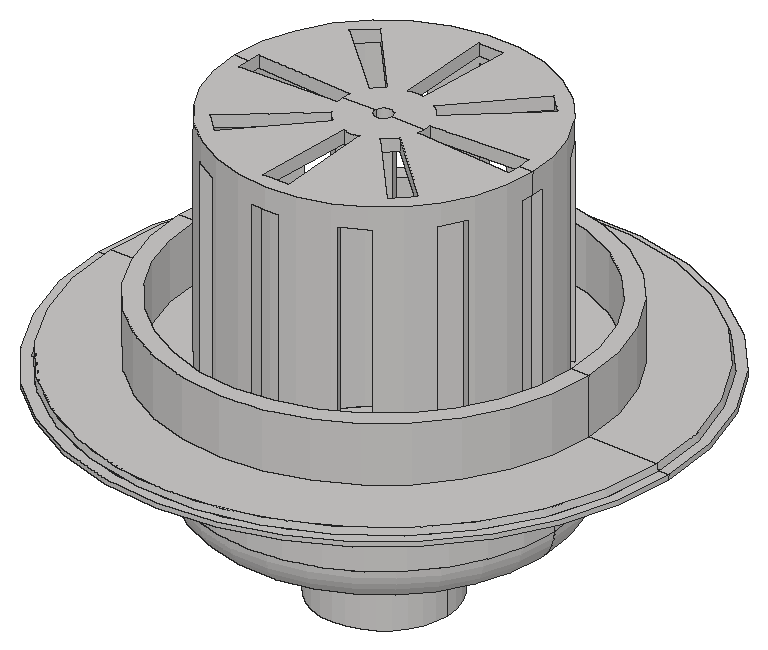
Revit family
Parameters (values of type "9682-2"")
  Width = 10 1/2"
  Waste Connection Radius = 1"
  Waste Connection Diameter = Waste Connection Radius * 2  # 2"
  Waste Connection = yes
  Vent Connection = no
  URL = "www.jrsmith.com"
  Price = "Prices may vary. Please consult Manufacturer Representative for most up-to-date price list."  # constant formula
  Phone Number = "416-250-5656"  # constant formula
  Omniclass Table 23 Title = "Waste Water Drains"  # constant formula
  Omniclass Table 23 Code = "23.70.50.21.24"  # constant formula
  Model = "9682-2\""
  Material = Metal-Jay R Smith-Stainless Steel
  Masterformat Title = "Sanitary Drains"  # constant formula
  Masterformat Number = "22 13 19.13"  # constant formula
  Manufacturer = "Jay R. Smith"
  Length = Width  # 10 1/2"
  Height = 7 7/8"
  HW Connection = no
  Description = "General purpose roof drain."
  Default Elevation = 0"
  Creation Date = "31/10/2014"  # constant formula
  Created By = "Allied Technical Services"  # constant formula
  CW Connection = no
  Assembly Code = "D2030300"
  ATS URL = "http://www.atsspec.net"
Types (4): name | Waste Connection Radius | Waste Connection Diameter | Model
  (no name) | 1" | 2" | "9682-2\""
  9682-2" | 1" | 2" | "9682-2\""
  9682-3" | 1 1/2" | 3" | "9682-3\""
  9682-4" | 2" | 4" | "9682-4\""
Reference planes (in)
  plane 1 "Center (Front/Back)": y = 0
  plane 2: z = 0
  plane 3 "Center (Left/Right)": x = 0
  plane 4: x = -5.25
  plane 5: x = 5.25
  plane 6: z = 7.875
  plane 7: z = 3.75
  plane 8: x = -1
  plane 9: x = 1
  plane 10: y = 0
  plane 11: x = 0
Forms (in)
  Revolve 1, solid, material "Metal-Jay R Smith-Stainless Steel" <- "Material"
    sketch origin (0, 0, 0) x (1, 0, 0) y (0, 0, 1)
      loop
        line (-1, 0) -> (-1, 1.625) -> (-2.537, 1.625) -> (-2.537, 7.65625) -> (0, 7.65625) -> (0, 7.875) -> (-2.74942, 7.875) -> (-2.74942, 3.8657) -> (-3.47276, 3.8657) -> (-3.47276, 4.8768) -> (-3.77834, 4.8768) -> (-3.77834, 3.8657) -> (-5.03343, 3.8657) -> (-5.06382, 3.75) -> (-5.25, 3.75) -> (-5.25, 3.67147) -> (-5.11213, 3.67147) -> (-4.63544, 3.54624) -> (-3.55483, 3.54624)
        arc (-3.55483, 3.54624) -> (-3.26478, 3.4261) -> (-3.14464, 3.13604) r 0.4102
        line (-3.14464, 3.13604) -> (-3.14464, 2.07812)
        arc (-3.14464, 2.07812) -> (-2.95242, 1.61409) -> (-2.48839, 1.42187) r 0.65625
        line (-2.48839, 1.42187) -> (-1.17793, 1.42187) -> (-1.17793, 0) -> (-1, 0)
      axis (0, 7.875) -> (0, 0)
    angle from 0 to 360
  Extrusion 2, void
    sketch origin (91.21677, 91.21677, 0) x (1, 0, 0) y (0, 1, 0)
      loop
        line (-91.46677, -88.08001) -> (-91.46677, -89.08001) -> (-90.96677, -89.08001) -> (-90.96677, -88.08001) -> (-91.46677, -88.08001)
      loop
        line (-91.46677, -94.35353) -> (-90.96677, -94.35353) -> (-90.96677, -93.35353) -> (-91.46677, -93.35353) -> (-91.46677, -94.35353)
      loop
        line (-88.08001, -90.96677) -> (-89.08001, -90.96677) -> (-89.08001, -91.46677) -> (-88.08001, -91.46677) -> (-88.08001, -90.96677)
      loop
        line (-94.35353, -90.96677) -> (-94.35353, -91.46677) -> (-93.35353, -91.46677) -> (-93.35353, -90.96677) -> (-94.35353, -90.96677)
      loop
        line (-89.8649, -88.37526) -> (-90.3649, -89.24129) -> (-89.93189, -89.49129) -> (-89.43189, -88.62526) -> (-89.8649, -88.37526)
      loop
        line (-93.00166, -93.80829) -> (-92.56865, -94.05829) -> (-92.06865, -93.19226) -> (-92.50166, -92.94226) -> (-93.00166, -93.80829)
      loop
        line (-88.37526, -92.56865) -> (-89.24129, -92.06865) -> (-89.49129, -92.50166) -> (-88.62526, -93.00166) -> (-88.37526, -92.56865)
      loop
        line (-93.80829, -89.43189) -> (-94.05829, -89.8649) -> (-93.19226, -90.3649) -> (-92.94226, -89.93189) -> (-93.80829, -89.43189)
      loop
        line (-88.62526, -89.43189) -> (-89.49129, -89.93189) -> (-89.24129, -90.3649) -> (-88.37526, -89.8649) -> (-88.62526, -89.43189)
      loop
        line (-94.05829, -92.56865) -> (-93.80829, -93.00166) -> (-92.94226, -92.50166) -> (-93.19226, -92.06865) -> (-94.05829, -92.56865)
      loop
        line (-89.43189, -93.80829) -> (-89.93189, -92.94226) -> (-90.3649, -93.19226) -> (-89.8649, -94.05829) -> (-89.43189, -93.80829)
      loop
        line (-92.56865, -88.37526) -> (-93.00166, -88.62526) -> (-92.50166, -89.49129) -> (-92.06865, -89.24129) -> (-92.56865, -88.37526)
    from 3.8657 to 7.5
  Extrusion 3, void
    sketch origin (2.75, 0, 0) x (1, 0, 0) y (0, 1, 0)
      loop
        arc (-2.89249, 0.73634) -> (-2.75, 0.75) -> (-2.60751, 0.73634) r 0.75
        line (-2.60751, 0.73634) -> (-2.51566, 2.48899)
        arc (-2.51566, 2.48899) -> (-2.75, 2.5) -> (-2.98434, 2.48899) r 2.5
        line (-2.98434, 2.48899) -> (-2.89249, 0.73634)
      loop
        line (-2.89249, -0.73634) -> (-2.98434, -2.48899)
        arc (-2.98434, -2.48899) -> (-2.75, -2.5) -> (-2.51566, -2.48899) r 2.5
        line (-2.51566, -2.48899) -> (-2.60751, -0.73634)
        arc (-2.60751, -0.73634) -> (-2.75, -0.75) -> (-2.89249, -0.73634) r 0.75
      loop
        arc (-2.01366, 0.14249) -> (-2, 0) -> (-2.01366, -0.14249) r 0.75
        line (-2.01366, -0.14249) -> (-0.26101, -0.23434)
        arc (-0.26101, -0.23434) -> (-0.25, 0) -> (-0.26101, 0.23434) r 2.5
        line (-0.26101, 0.23434) -> (-2.01366, 0.14249)
      loop
        line (-3.48634, 0.14249) -> (-5.23899, 0.23434)
        arc (-5.23899, 0.23434) -> (-5.25, 0) -> (-5.23899, -0.23434) r 2.5
        line (-5.23899, -0.23434) -> (-3.48634, -0.14249)
        arc (-3.48634, -0.14249) -> (-3.5, 0) -> (-3.48634, 0.14249) r 0.75
      loop
        arc (-2.33008, 0.62143) -> (-2.21967, 0.53033) -> (-2.12857, 0.41992) r 0.75
        line (-2.12857, 0.41992) -> (-0.82431, 1.59428)
        arc (-0.82431, 1.59428) -> (-0.98223, 1.76777) -> (-1.15572, 1.92569) r 2.5
        line (-1.15572, 1.92569) -> (-2.33008, 0.62143)
      loop
        line (-3.37143, -0.41992) -> (-4.67569, -1.59428)
        arc (-4.67569, -1.59428) -> (-4.51777, -1.76777) -> (-4.34428, -1.92569) r 2.5
        line (-4.34428, -1.92569) -> (-3.16992, -0.62143)
        arc (-3.16992, -0.62143) -> (-3.28033, -0.53033) -> (-3.37143, -0.41992) r 0.75
      loop
        arc (-2.12857, -0.41992) -> (-2.21967, -0.53033) -> (-2.33008, -0.62143) r 0.75
        line (-2.33008, -0.62143) -> (-1.15572, -1.92569)
        arc (-1.15572, -1.92569) -> (-0.98223, -1.76777) -> (-0.82431, -1.59428) r 2.5
        line (-0.82431, -1.59428) -> (-2.12857, -0.41992)
      loop
        line (-3.16992, 0.62143) -> (-4.34428, 1.92569)
        arc (-4.34428, 1.92569) -> (-4.51777, 1.76777) -> (-4.67569, 1.59428) r 2.5
        line (-4.67569, 1.59428) -> (-3.37143, 0.41992)
        arc (-3.37143, 0.41992) -> (-3.28033, 0.53033) -> (-3.16992, 0.62143) r 0.75
      loop
        circle (-2.75, 0) r 0.15506
    from 7.32755 to 8.8319
Cuts and joins
  Extrusion 2, Extrusion 3 cuts Revolve 1
Dimensions and locks (in)
  "Height": plane 6 to plane 2
  "Waste Connection Diameter": plane 9 to plane 8
  "Width": plane 5 to plane 4
  plane 7 to level = 3 3/4"
  equal spacing: plane 9, plane 3 "Center (Left/Right)", plane 8
  equal spacing: plane 5, plane 3 "Center (Left/Right)", plane 4
  plane 6 to plane 7 = 4 1/8"
  locked: plane 8 to Revolve 1 sketch curve at 0.17793
  locked: Revolve 1 sketch curve to plane 4 at 2.713
  locked: Revolve 1 sketch curve to plane 4 at 2.50058
  aligned and locked: Revolve 1 sketch curve to plane 8
Automatic sketch dimensions
  Revolve 1 sketch curve to plane 4 = 0"
  Revolve 1 sketch curve to plane 7 = 0"
  Revolve 1 sketch curve to plane 6 = 0"
  Revolve 1 sketch curve to plane 3 "Center (Left/Right)" = 0"  (x2)
  Revolve 1 sketch curve to level = 0"
  plane 4 to Revolve 1 sketch curve = 0.13787"
  Revolve 1 sketch curve to Revolve 1 sketch curve = 0.04831"
  Revolve 1 sketch curve to Revolve 1 sketch curve = 0.03039"
  Revolve 1 sketch curve to plane 7 = 0.20376"
  Revolve 1 sketch curve to Revolve 1 sketch curve = 0.42839"
  plane 7 to Revolve 1 sketch curve = 0.1157"  (x2)
  Revolve 1 sketch curve to Revolve 1 sketch curve = 0.8571"
  Revolve 1 sketch curve to Revolve 1 sketch curve = 0.2235"
  Revolve 1 sketch curve to Revolve 1 sketch curve = 0.30558"
  Revolve 1 sketch curve to Revolve 1 sketch curve = 0.4102"
  Revolve 1 sketch curve to Revolve 1 sketch curve = 0.04861"
  Revolve 1 sketch curve to level = 6"
  Revolve 1 sketch curve to Revolve 1 sketch curve = 3/4"
  level to Revolve 1 sketch curve = 1 27/64"
  Revolve 1 sketch curve to Revolve 1 sketch curve = 13/64"
  Revolve 1 sketch curve to plane 7 = 0.07853"
  Revolve 1 sketch curve to Revolve 1 sketch curve = 1.0111"
  Revolve 1 sketch curve to plane 6 = 7/32"
  plane 5 to Extrusion 2 sketch curve = 8.38676"
  Extrusion 2 sketch curve to Extrusion 2 sketch curve = 0.29525"  (x4)
  Extrusion 2 sketch curve to Extrusion 2 sketch curve = 1/4"  (x8)
  Extrusion 2 sketch curve to Extrusion 2 sketch curve = 1"  (x3)
  Extrusion 2 sketch curve to Extrusion 2 sketch curve = 0.16127"  (x5)
  Extrusion 2 sketch curve to Extrusion 2 sketch curve = 0.80663"  (x4)
  Extrusion 2 sketch curve to Extrusion 2 sketch curve = 0.43301"  (x8)
  Extrusion 2 sketch curve to Extrusion 2 sketch curve = 0.4406"  (x6)
  Extrusion 2 sketch curve to Extrusion 2 sketch curve = 1.10187"
  Extrusion 2 sketch curve to Extrusion 2 sketch curve = 0.60187"  (x7)
  Extrusion 2 sketch curve to Extrusion 2 sketch curve = 1/2"  (x6)
  Extrusion 2 sketch curve to Extrusion 2 sketch curve = 0.86603"  (x2)
  plane 1 "Center (Front/Back)" to Extrusion 2 sketch curve = 3.13676"
  Extrusion 3 sketch curve to Extrusion 3 sketch curve = 0"  (x276)
  plane 5 to Extrusion 3 sketch curve = 7.73899"
  Extrusion 3 sketch curve to Extrusion 3 sketch curve = 0.5633"  (x6)
  Extrusion 3 sketch curve to Extrusion 3 sketch curve = 0.33141"  (x5)
  plane 1 "Center (Front/Back)" to Extrusion 3 sketch curve = 1.92569"
  Extrusion 3 sketch curve to Extrusion 3 sketch curve = 1.75265"
  Extrusion 3 sketch curve to Extrusion 3 sketch curve = 0.11491"  (x6)
  Extrusion 3 sketch curve to plane 1 "Center (Front/Back)" = 0.62143"
  Extrusion 3 sketch curve to Extrusion 3 sketch curve = 0.20151"  (x4)
  plane 1 "Center (Front/Back)" to Extrusion 3 sketch curve = 0.62143"
  Extrusion 3 sketch curve to Extrusion 3 sketch curve = 1.35994"  (x8)
  Extrusion 3 sketch curve to Extrusion 3 sketch curve = 0.27743"  (x6)
  Extrusion 3 sketch curve to Extrusion 3 sketch curve = 0.73634"
  Extrusion 3 sketch curve to Extrusion 3 sketch curve = 0.28498"  (x2)
  Extrusion 3 sketch curve to Extrusion 3 sketch curve = 0.46868"  (x2)
  plane 1 "Center (Front/Back)" to Extrusion 3 sketch curve = 0.14249"
  radius of Extrusion 3 sketch curve = 0.15506"
Connectors (in)
  piping at (0, 0, 0), driven by "Waste Connection Radius"
    settings: on cut or joined group of Revolve 1, Extrusion 2, Extrusion 3, index 1
